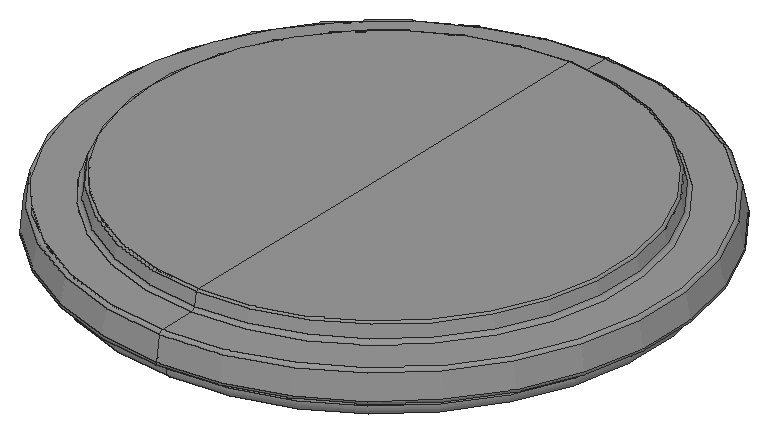
Revit family "FMK13_63_UN_Surface-mounted_ETK", category Lighting Fixtures, Revit 2017 (continued)
Definition of nested family "FMK.1 - Lightsource"
  Types (13, lengths in mm): name | Wattage Comments | Photometric Web File | built-in parameter 1150142 | Apparent Load
    FMK.1309.10 - Ø350x40 / 25W | "25W" | "FMK.1309.10.ies" | "IESNA:LM-63-2002\r\n[TEST] /2015\r\n[TESTLAB] ies2eulumdat.appspot.com\r\n[ISSUEDATE] 2021-06-16T09:02:42.033\r\n[MANUFAC] www.etk.nl\r\n[LUMCAT] FMK.1309.10\r\n[LUMINAIRE] FMK.1 LED 25W 3000/4000/5700K ø350 niet dimbaar\r\n[LAMPCAT] LED\r\n[LAMP] LED\r\nTILT=NONE\r\n1\t2480\t1\t46\t180\t1\t2\t-0.350\t-0.350\t0\r\n1.0\t1.0\t23.30\r\n0\t 2\t 4\t 6\t 8\t 10\t 12\t 14\t 16\t 18\r\n20\t 22\t 24\t 26\t 28\t 30\t 32\t 34\t 36\t 38\r\n40\t 42\t 44\t 46\t 48\t 50\t 52\t 54\t 56\t 58\r\n60\t 62\t 64\t 66\t 68\t 70\t 72\t 74\t 76\t 78\r\n80\t 82\t 84\t 86\t 88\t 90\r\n0\t 2\t 4\t 6\t 8\t 10\t 12\t 14\t 16\t 18\r\n20\t 22\t 24\t 26\t 28\t 30\t 32\t 34\t 36\t 38\r\n40\t 42\t 44\t 46\t 48\t 50\t 52\t 54\t 56\t 58\r\n60\t 62\t 64\t 66\t 68\t 70\t 72\t 74\t 76\t 78\r\n80\t 82\t 84\t 86\t 88\t 90\t 92\t 94\t 96\t 98\r\n100\t 102\t 104\t 106\t 108\t 110\t 112\t 114\t 116\t 118\r\n120\t 122\t 124\t 126\t 128\t 130\t 132\t 134\t 136\t 138\r\n140\t 142\t 144\t 146\t 148\t 150\t 152\t 154\t 156\t 158\r\n160\t 162\t 164\t 166\t 168\t 170\t 172\t 174\t 176\t 178\r\n180\t 182\t 184\t 186\t 188\t 190\t 192\t 194\t 196\t 198\r\n200\t 202\t 204\t 206\t 208\t 210\t 212\t 214\t 216\t 218\r\n220\t 222\t 224\t 226\t 228\t 230\t 232\t 234\t 236\t 238\r\n240\t 242\t 244\t 246\t 248\t 250\t 252\t 254\t 256\t 258\r\n260\t 262\t 264\t 266\t 268\t 270\t 272\t 274\t 276\t 278\r\n280\t 282\t 284\t 286\t 288\t 290\t 292\t 294\t 296\t 298\r\n300\t 302\t 304\t 306\t 308\t 310\t 312\t 314\t 316\t 318\r\n320\t 322\t 324\t 326\t 328\t 330\t 332\t 334\t 336\t 338\r\n340\t 342\t 344\t 346\t 348\t 350\t 352\t 354\t 356\t 358\r\n\r\n874.5378\t872.985\t871.4326\t868.4042\t863.9259\t859.4477\t850.8503\t842.2531\t833.6557\t825.0457\r\n816.4482\t802.6413\t788.8342\t775.0273\t761.2204\t747.4003\t728.7815\t710.1497\t691.518\t672.8991\r\n654.2674\t631.1444\t608.0216\t584.8986\t561.7758\t538.6528\t510.9747\t483.2964\t455.6313\t427.953\r\n400.2876\t372.6096\t344.9442\t317.2659\t289.6008\t261.9225\t0\t0\t0\t0\r\n0\t0\t0\t0\t0\t0\r\n874.5378\t872.986\t871.4415\t868.4251\t863.9551\t859.4973\t850.9108\t842.3156\t833.7785\t825.156\r\n816.5457\t802.7467\t788.916\t775.0947\t761.2697\t747.446\t728.8383\t710.205\t691.578\t672.9569\r\n654.3735\t631.2344\t608.0719\t584.9231\t561.7592\t538.7577\t511.1295\t483.472\t455.8195\t428.1685\r\n400.5019\t372.8469\t345.191\t317.5236\t289.8671\t262.8659\t0.6758\t0\t0\t0\r\n0\t0\t0\t0\t0\t0\r\n874.5378\t872.985\t871.4437\t868.4422\t864.0258\t859.6925\t851.111\t842.4877\t833.8645\t825.2183\r\n816.6186\t802.8333\t788.947\t775.0781\t761.2052\t747.4135\t728.9223\t710.364\t691.7948\t673.2027\r\n654.5427\t631.4194\t608.2026\t585.0017\t561.8016\t538.6766\t511.1077\t483.4663\t455.8287\t428.1951\r\n400.5664\t372.9516\t345.3244\t317.6992\t290.0876\t265.0403\t2.7464\t0\t0\t0\r\n0\t0\t0\t0\t0\t0\r\n874.5378\t872.9821\t871.4385\t868.4194\t864.0727\t859.7838\t851.2173\t842.5678\t833.9007\t825.2235\r\n816.668\t802.9365\t789.0812\t775.2792\t761.421\t747.6997\t729.181\t710.4756\t691.7873\t673.1308\r\n654.663\t631.625\t608.3911\t585.1543\t561.9214\t538.8799\t511.4157\t483.7676\t456.1196\t428.4736\r\n400.8305\t373.1892\t345.554\t317.9194\t290.287\t268.2859\t6.3352\t0\t0\t0\r\n0\t0\t0\t0\t0\t0\r\n874.5378\t872.9774\t871.3354\t868.4409\t864.1178\t859.8537\t851.2982\t842.6199\t833.9409\t825.2468\r\n816.7788\t803.1785\t789.2843\t775.3512\t761.3176\t747.5762\t729.2242\t710.5594\t691.8962\t673.1995\r\n654.7728\t631.8698\t608.6334\t585.3343\t562.0186\t538.9799\t511.6644\t483.999\t456.3696\t428.7156\r\n401.0544\t373.3948\t345.7398\t318.0935\t290.4628\t272.4181\t11.6488\t0\t0\t0\r\n0\t0\t0\t0\t0\t0\r\n874.5378\t872.9707\t871.3279\t868.471\t864.1617\t859.8954\t851.3872\t842.6839\t833.9766\t825.2708\r\n816.8502\t803.3288\t789.3332\t775.3224\t761.359\t747.7361\t729.5277\t710.8005\t692.0589\t673.2875\r\n654.8872\t632.0349\t608.7229\t585.4345\t562.1478\t539.1899\t512.0463\t484.3358\t456.6506\t428.9594\r\n401.2923\t373.6043\t345.9364\t318.2797\t290.6205\t277.0921\t18.9765\t0\t0\t0\r\n0\t0\t0\t0\t0\t0\r\n874.5378\t872.9625\t871.3272\t868.5089\t864.2287\t859.9311\t851.476\t842.7424\t834.0185\t825.2728\r\n816.878\t803.4883\t789.447\t775.409\t761.3523\t747.7021\t729.6919\t710.7722\t691.9242\t673.107\r\n654.8527\t632.4372\t609.0672\t585.6956\t562.3043\t539.3645\t512.4665\t484.6711\t456.9197\t429.1861\r\n401.4679\t373.7873\t346.0949\t318.4119\t290.7592\t281.9071\t28.6938\t0\t0\t0\r\n0\t0\t0\t0\t0\t0\r\n874.5378\t872.9523\t871.3329\t868.5553\t864.2592\t859.9504\t851.5554\t842.8305\t834.084\t825.2074\r\n816.787\t803.6596\t789.5906\t775.4335\t761.1574\t747.4849\t729.8365\t711.046\t692.1648\t673.255\r\n654.9501\t632.8883\t609.4094\t585.8784\t562.3338\t539.3534\t512.8427\t485.0158\t457.1657\t429.3874\r\n401.6484\t373.9389\t346.2683\t318.581\t290.9008\t286.3639\t41.2736\t0\t0\t0\r\n0\t0\t0\t0\t0\t0\r\n874.5378\t872.8137\t871.345\t868.6644\t864.2765\t859.9251\t851.6873\t842.9609\t834.0724\t825.0615\r\n816.7052\t803.8927\t789.6685\t775.3465\t761.1232\t747.5149\t730.8168\t711.207\t692.2662\t673.3624\r\n654.3396\t633.7434\t609.5716\t585.9823\t562.3541\t538.7123\t513.8128\t485.4491\t457.6064\t429.7267\r\n401.9207\t374.1378\t346.3933\t318.6716\t290.991\t289.7615\t57.2684\t0\t0\t0\r\n0\t0\t0\t0\t0\t0\r\n874.5378\t872.8057\t871.3631\t868.7051\t864.2817\t859.9405\t851.8897\t843.0202\t833.9841\t825.0067\r\n816.6099\t803.9828\t789.7525\t775.6421\t761.2323\t746.6449\t731.0465\t711.5628\t692.4192\t673.1806\r\n654.0931\t634.2226\t610.0016\t586.2715\t562.5156\t538.712\t514.1789\t485.7884\t457.8779\t430.0342\r\n402.2659\t374.4612\t346.6551\t318.8784\t291.1066\t291.3829\t77.339\t0\t0\t0\r\n0\t0\t0\t0\t0\t0\r\n874.5378\t872.8008\t871.3872\t868.7356\t864.2423\t859.9616\t852.0338\t842.9907\t834.0205\t825.0028\r\n815.6301\t804.9673\t790.2232\t775.6207\t761.0674\t746.5966\t731.3436\t711.6432\t692.6156\t673.3986\r\n654.0405\t634.3984\t610.1926\t586.3276\t562.5002\t538.7113\t514.7498\t486.5348\t458.5126\t430.4672\r\n402.5338\t374.6697\t346.8121\t319.0039\t291.2333\t263.4995\t160.6802\t0\t0\t0\r\n0\t0\t0\t0\t0\t0\r\n874.5378\t872.7986\t871.4172\t868.7559\t864.2542\t860.0226\t852.1575\t843.0968\t834.151\t824.79\r\n815.5091\t805.477\t790.3016\t775.7026\t761.1321\t746.2692\t731.413\t712.2009\t692.6938\t673.2253\r\n653.6873\t634.4207\t610.6578\t586.7802\t562.8732\t538.8591\t514.9854\t487.0326\t458.9317\t430.8209\r\n402.7969\t374.818\t346.9138\t319.0475\t291.2393\t263.4851\t185.2086\t0\t0\t0\r\n0\t0\t0\t0\t0\t0\r\n874.5378\t872.799\t871.5328\t868.7666\t864.2775\t859.9965\t852.7195\t843.3582\t834.1664\t824.7436\r\n815.5708\t805.467\t790.5818\t775.9047\t761.0165\t746.3004\t731.6097\t712.3145\t692.7446\t673.1826\r\n653.6286\t634.5159\t611.2627\t587.1358\t562.9947\t538.8643\t515.0814\t487.4881\t459.2749\t431.1106\r\n402.9628\t374.95\t347.0093\t319.1472\t291.3053\t263.5233\t208.2994\t0\t0\t0\r\n0\t0\t0\t0\t0\t0\r\n874.5378\t872.8025\t871.5583\t868.7204\t864.3127\t859.9316\t852.9209\t843.5306\t834.1128\t824.8934\r\n815.2782\t805.5067\t790.8995\t776.0151\t761.1772\t746.0554\t731.2669\t712.664\t693.0221\t673.3778\r\n653.6104\t633.792\t612.3338\t587.453\t563.0919\t538.7235\t514.9098\t487.9779\t459.6978\t431.5641\r\n403.366\t375.1722\t347.1174\t319.1532\t291.2958\t263.5213\t228.7914\t0\t0\t0\r\n0\t0\t0\t0\t0\t0\r\n874.5378\t872.8087\t871.5786\t868.7286\t864.3792\t859.2746\t853.2661\t843.5958\t834.235\t824.8872\r\n815.0505\t805.5206\t791.2318\t776.3022\t761.2172\t745.916\t730.4468\t713.7346\t693.4459\t673.4403\r\n653.4991\t633.4361\t612.717\t587.6995\t563.177\t538.6746\t514.3676\t489.1869\t460.2153\t431.8054\r\n403.5104\t375.376\t347.3463\t319.3253\t291.3561\t263.4928\t245.247\t0\t0\t0\r\n0\t0\t0\t0\t0\t0\r\n874.5378\t872.8176\t871.594\t868.7413\t864.5999\t859.2372\t853.4766\t843.7617\t834.4664\t824.7991\r\n814.8886\t805.3621\t791.6455\t776.6385\t761.3791\t745.8498\t730.2087\t714.1344\t693.6806\t673.6665\r\n653.3853\t632.9801\t612.7046\t588.1848\t563.7124\t538.8507\t514.0373\t489.2641\t460.7659\t432.4004\r\n403.9749\t375.6369\t347.3932\t319.2876\t291.3137\t263.4311\t256.4\t21.1589\t0\t0\r\n0\t0\t0\t0\t0\t0\r\n874.5378\t872.8291\t871.6049\t868.7579\t864.6433\t859.2362\t853.6197\t844.0003\t834.6256\t824.7954\r\n814.7222\t804.4108\t792.7933\t777.0693\t761.5696\t745.8454\t730.025\t714.0597\t694.2482\t673.7662\r\n653.1948\t632.7378\t612.8978\t589.0191\t563.854\t538.8859\t514.0346\t489.5694\t461.4915\t432.792\r\n404.2522\t375.8708\t347.5762\t319.3982\t291.2929\t263.2944\t260.497\t50.994\t0\t0\r\n0\t0\t0\t0\t0\t0\r\n874.5378\t872.8434\t871.6111\t868.7812\t864.6867\t859.3193\t853.6386\t844.3264\t834.7903\t824.8279\r\n814.5669\t804.0862\t793.2471\t777.5685\t761.7856\t745.9386\t729.6368\t714.0267\t694.6212\t673.9306\r\n653.3719\t632.7102\t611.7654\t590.0275\t564.3446\t539.1887\t513.9862\t488.7864\t462.5949\t433.4053\r\n404.7521\t376.0935\t347.6417\t319.3977\t291.2247\t263.1831\t235.3098\t141.9651\t0\t0\r\n0\t0\t0\t0\t0\t0\r\n874.5378\t872.8601\t871.6131\t868.8157\t864.7177\t859.3485\t853.7135\t844.6525\t834.9887\t824.8664\r\n814.4149\t803.9339\t793.47\t778.0082\t762.198\t745.8223\t729.5701\t712.9179\t695.5336\t674.4831\r\n653.5046\t632.3809\t611.3728\t590.2611\t564.8862\t539.4174\t514.0207\t488.6597\t463.1784\t433.9189\r\n405.1445\t376.434\t347.8034\t319.3994\t291.1716\t263.102\t235.1821\t178.7874\t0\t0\r\n0\t0\t0\t0\t0\t0\r\n874.5378\t872.8794\t871.6111\t868.8382\t864.774\t859.3795\t853.7675\t845.0496\t835.2055\t824.9353\r\n814.3702\t803.7722\t793.2751\t778.7009\t762.387\t746.0296\t729.3764\t712.475\t695.8285\t674.8422\r\n653.5931\t632.3727\t610.9574\t590.0503\t565.5501\t539.9047\t514.1925\t488.4214\t463.2504\t434.6696\r\n405.5599\t376.6984\t348.0288\t319.5354\t291.2058\t263.0085\t234.9936\t206.9523\t0\t0\r\n0\t0\t0\t0\t0\t0\r\n874.5378\t872.9012\t871.5655\t868.8601\t864.8335\t859.4207\t853.7683\t845.9362\t835.4577\t825.0514\r\n814.4553\t803.6296\t792.2179\t779.8127\t762.8299\t746.2469\t729.2703\t712.3577\t695.3362\t675.8838\r\n653.9827\t632.336\t610.6474\t589.0122\t566.7343\t540.3769\t514.3674\t488.4717\t462.4798\t435.7434\r\n406.1918\t377.2278\t348.3572\t319.6358\t291.116\t262.8306\t234.7776\t224.3024\t1.4585\t0\r\n0\t0\t0\t0\t0\t0\r\n874.5378\t872.9253\t871.379\t868.8811\t864.8933\t859.5045\t853.244\t846.2499\t835.7384\t825.2103\r\n814.554\t803.4044\t791.869\t779.805\t763.3864\t746.4988\t729.5299\t711.942\t694.2604\t676.3124\r\n654.3574\t632.4508\t610.5755\t588.4983\t566.715\t541.0891\t514.7654\t488.5178\t462.3191\t436.3543\r\n406.9804\t377.6331\t348.5191\t319.6606\t291.0778\t262.7334\t234.5562\t206.64\t33.7392\t0\r\n0\t0\t0\t0\t0\t0\r\n874.5378\t872.9518\t871.3778\t868.901\t864.9325\t859.5784\t853.214\t846.4466\t836.0774\t825.4851\r\n814.7053\t803.2509\t791.428\t779.5917\t764.708\t746.9787\t729.5768\t711.8113\t693.9015\t676.1179\r\n654.908\t632.8464\t610.5296\t587.9914\t565.627\t542.3981\t515.4013\t488.7842\t462.2727\t436.2295\r\n407.5555\t378.0413\t348.8864\t319.862\t291.0406\t262.6159\t234.3798\t206.3836\t125.2993\t0\r\n0\t0\t0\t0\t0\t0\r\n874.5378\t872.9803\t871.3797\t868.9196\t864.9851\t859.8641\t853.2857\t846.5857\t836.4728\t825.8653\r\n814.8491\t803.1912\t790.9769\t778.4546\t765.1236\t747.6989\t729.8082\t711.8736\t693.6275\t674.9012\r\n655.9925\t633.326\t610.454\t587.7632\t565.102\t542.6503\t515.9853\t489.2289\t462.1807\t435.3737\r\n408.6395\t378.7488\t349.1738\t320.0656\t291.1158\t262.4901\t234.1534\t206.1212\t166.7175\t0\r\n0\t0\t0\t0\t0\t0\r\n874.5378\t873.0113\t871.3852\t868.9367\t865.0399\t859.9204\t853.307\t846.641\t837.3913\t826.2663\r\n815.0031\t803.1425\t790.7259\t778.0157\t765.1782\t748.2205\t730.3124\t712.0938\t693.3636\t674.5736\r\n655.9109\t633.7124\t610.7149\t587.853\t564.6883\t541.2801\t517.5309\t489.4969\t462.3786\t435.363\r\n408.5691\t379.4638\t349.7132\t320.289\t291.1386\t262.3679\t233.9597\t205.843\t191.3541\t0\r\n0\t0\t0\t0\t0\t0\r\n874.5378\t873.143\t871.3944\t868.965\t865.0967\t859.8366\t853.3333\t846.609\t837.7894\t826.7333\r\n815.244\t803.1272\t790.598\t777.5346\t764.1329\t749.4672\t730.951\t712.4368\t693.5213\t674.2631\r\n654.6404\t634.4981\t611.4715\t587.9688\t564.3337\t540.8223\t517.1794\t490.4388\t462.8798\t435.3102\r\n407.9645\t380.4853\t350.2125\t320.5261\t291.2361\t262.2558\t233.7412\t205.6123\t177.8296\t14.1429\r\n0\t0\t0\t0\t0\t0\r\n874.5378\t873.1763\t871.407\t868.9764\t865.1592\t859.8703\t853.3687\t846.0245\t838.1083\t827.2372\r\n815.546\t803.2631\t790.6275\t777.2122\t763.3757\t749.5128\t731.8115\t712.9487\t693.7455\t674.1637\r\n653.9549\t634.477\t612.5793\t588.3527\t564.3939\t540.0376\t516.1111\t491.7518\t463.4257\t435.5192\r\n407.7844\t380.4151\t350.853\t320.8406\t291.372\t262.3528\t233.5793\t205.2753\t177.4284\t100.3334\r\n0\t0\t0\t0\t0\t0\r\n874.5378\t873.2102\t871.4234\t868.9821\t865.2199\t859.9164\t853.3802\t845.9739\t838.2844\t828.258\r\n815.9269\t803.5366\t790.6872\t777.0899\t762.8644\t748.28\t733.0436\t713.8015\t694.1699\t674.0905\r\n653.757\t633.2779\t612.7708\t588.9918\t564.3915\t539.9679\t515.4434\t490.7922\t464.2999\t436.0276\r\n407.779\t379.7438\t351.7153\t321.4985\t291.592\t262.1553\t233.2983\t205.0147\t177.1546\t145.4639\r\n0\t0\t0\t0\t0\t0\r\n874.5378\t873.2447\t871.4437\t868.9821\t865.3878\t859.9732\t853.652\t845.9555\t838.3191\t828.6689\r\n816.4088\t803.9361\t790.7592\t776.9914\t762.5777\t747.6364\t732.8507\t715.2471\t694.8762\t674.401\r\n653.9941\t632.9377\t611.6419\t589.8573\t564.946\t540.0634\t514.9631\t489.9071\t465.2073\t436.8188\r\n408.1445\t379.5543\t351.4748\t321.8757\t291.7147\t262.2731\t233.2762\t204.7089\t176.824\t164.8575\r\n0\t0\t0\t0\t0\t0\r\n874.5378\t873.2799\t871.4683\t868.9756\t865.4228\t860.0385\t853.7311\t846.0076\t837.7948\t828.8807\r\n817.4717\t804.5194\t791.0178\t776.9872\t762.3882\t747.1476\t731.4663\t715.4215\t695.7243\t675.1483\r\n654.1285\t632.8402\t610.9574\t588.8696\t566.1808\t540.386\t514.916\t489.2432\t463.8614\t438.2408\r\n408.5783\t379.6245\t350.8114\t322.5996\t292.3293\t262.326\t233.1999\t204.5472\t176.4644\t149.0113\r\n16.216\t0\t0\t0\t0\t0\r\n874.5378\t873.3159\t871.497\t868.9622\t865.4369\t860.1907\t853.8042\t846.1177\t837.7745\t828.8515\r\n817.9953\t805.1583\t791.4469\t777.2136\t762.3408\t746.854\t730.7764\t714.1453\t696.8941\t676.2308\r\n654.8569\t632.953\t610.6936\t588.2664\t565.8113\t541.6322\t514.9631\t489.0285\t463.0688\t436.8994\r\n409.7776\t379.9112\t350.8776\t322.1307\t292.7546\t262.7213\t233.0969\t204.2235\t176.1537\t148.6428\r\n101.0416\t0\t0\t0\t0\t0\r\n874.5378\t873.6792\t871.5315\t868.7547\t865.4315\t860.2297\t853.8816\t846.4595\t837.8058\t828.2545\r\n818.2909\t806.3212\t791.9992\t777.6392\t762.4728\t746.7337\t730.2628\t713.3006\t695.732\t677.4931\r\n655.7348\t633.3903\t610.8761\t587.946\t564.6675\t541.318\t515.6959\t489.1587\t462.6031\t435.8067\r\n409.7153\t380.864\t351.1554\t321.9028\t293.2203\t262.8733\t233.1865\t204.0807\t175.7665\t148.2591\r\n132.3459\t0\t0\t0\t0\t0\r\n874.5378\t873.7134\t871.569\t868.7452\t865.4091\t860.2512\t853.9324\t846.6167\t837.896\t828.2022\r\n818.3316\t806.6594\t792.7169\t778.2054\t762.7679\t746.7699\t730.0981\t712.7322\t694.988\t676.5172\r\n657.1192\t634.3761\t611.4976\t587.9639\t564.389\t540.0872\t516.1879\t489.8972\t462.4892\t435.4032\r\n408.275\t381.6807\t351.887\t321.9692\t292.4924\t263.6168\t233.2534\t203.9966\t175.5022\t147.8698\r\n121.0768\t0\t0\t0\t0\t0\r\n874.5378\t873.7457\t871.6111\t868.7428\t865.3719\t860.255\t853.9692\t846.7268\t838.2164\t828.2493\r\n817.7758\t806.748\t793.8423\t778.9372\t763.3066\t747.0415\t730.2687\t712.4422\t694.3955\t675.5555\r\n655.9208\t635.931\t612.4625\t588.6657\t564.3614\t539.7943\t514.8805\t490.169\t463.2523\t435.3732\r\n407.7353\t380.1597\t352.8643\t322.5255\t292.5334\t263.0816\t233.7298\t203.9537\t175.1936\t147.4432\r\n120.6567\t63.9473\t0\t0\t0\t0\r\n874.5378\t873.7764\t871.6582\t868.6741\t865.3223\t860.2423\t853.987\t846.8086\t838.3258\t828.5903\r\n817.7822\t806.1329\t794.1176\t780.1011\t764.1344\t747.5796\t730.578\t712.5211\t694.061\t674.8993\r\n654.9754\t634.6603\t613.6926\t589.8625\t565.0638\t540.0269\t514.7178\t489.0076\t463.6504\t436.382\r\n407.8139\t379.375\t351.4537\t323.6603\t292.9812\t262.9809\t233.8132\t204.0767\t175.0064\t147.0129\r\n120.1689\t102.6651\t0\t0\t0\t0\r\n874.5378\t873.8052\t871.7103\t868.6894\t864.9781\t860.2143\t853.9873\t846.8622\t838.4054\t828.7421\r\n817.8963\t806.1104\t793.5655\t780.3893\t765.33\t748.4318\t731.071\t713.0159\t694.1406\t674.6701\r\n654.4264\t633.6531\t612.2512\t590.8414\t566.8777\t540.8597\t514.9527\t488.895\t462.332\t435.9709\r\n408.6408\t379.5181\t350.7114\t322.3085\t294.0846\t263.252\t233.3849\t204.3862\t174.8799\t146.666\r\n119.7185\t93.9345\t0\t0\t0\t0\r\n874.5378\t873.832\t871.7674\t868.717\t864.965\t860.1401\t853.9699\t846.8873\t838.4528\t828.8522\r\n818.211\t806.2383\t793.5271\t779.8191\t765.5254\t749.6777\t732.3108\t713.7591\t694.5756\t674.8566\r\n654.3388\t633.0676\t611.3731\t589.025\t566.1634\t542.5848\t516.063\t489.4689\t462.4456\t435.4022\r\n407.7886\t380.4967\t350.8268\t321.5372\t292.6712\t264.3385\t233.5555\t203.915\t175.0615\t146.5055\r\n119.3143\t93.5059\t20.0518\t0\t0\t0\r\n874.5378\t873.8565\t871.8299\t868.7566\t864.9781\t859.91\t853.9396\t846.884\t838.4632\t828.9189\r\n818.3015\t806.6304\t793.8544\t779.8529\t765.0344\t749.9723\t732.9506\t715.1375\t695.4476\t675.5022\r\n654.6791\t633.0867\t611.0566\t588.2337\t564.946\t541.0728\t517.268\t491.1801\t463.4202\t435.6207\r\n407.4397\t379.2724\t351.4527\t321.623\t291.9101\t262.967\t234.6318\t204.099\t174.9625\t146.5003\r\n118.9993\t93.0548\t76.0222\t0\t0\t0\r\n874.5378\t873.8791\t872.2594\t868.8087\t865.0168\t859.8988\t853.6971\t846.8538\t838.4138\t828.9417\r\n818.3519\t806.7718\t794.0724\t780.3079\t765.1772\t749.4954\t732.6193\t715.538\t696.8383\t676.8937\r\n655.4489\t633.6554\t611.2818\t588.1191\t564.3977\t540.1435\t515.4005\t490.2355\t465.2068\t436.8312\r\n407.9717\t379.2133\t350.3712\t321.3825\t292.606\t262.3118\t233.1959\t205.0923\t175.0431\t146.4961\r\n118.8352\t92.7175\t68.4227\t0\t0\t0\r\n874.5378\t873.8994\t872.3229\t868.8735\t865.08\t859.9207\t853.6723\t846.6068\t838.3382\t828.9182\r\n818.3519\t806.8372\t794.2274\t780.549\t765.7087\t749.915\t732.7656\t715.0968\t696.5797\t677.356\r\n656.7033\t635.0261\t612.1054\t588.727\t564.536\t539.9751\t514.7339\t489.1465\t463.2873\t436.3458\r\n409.5217\t380.2073\t350.6157\t321.0844\t291.6254\t262.6618\t232.6257\t203.6653\t175
